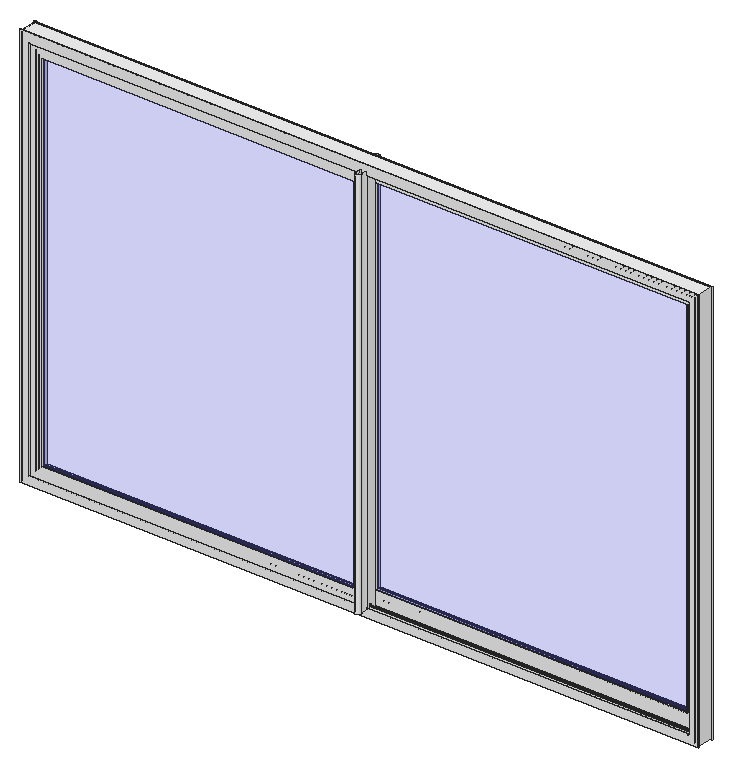
Revit family "1000_Sliding_Window_XO_Standard", category Windows, host Wall, Revit 2014 (continued)
Types (121, lengths in mm): name | Windload Design | Width Sash Right | Width Sash Left | Width | Standard Interlocker | Sash Width Right | Sash Width Left | Sash Height | Overall Width | Overall Height | Max Pane Area | Limit Sash Width Left Min | Limit Sash Width Left Max | Is Heavy Duty Mullion | Intruderprufe U Value | Intruderprufe SHGC Value | Intruderprufe LowE U Value | Intruderprufe LowE SHGC Value | Height Sash | Height | Heavy Duty Interlocker | Glazing Thickness | Energy Advantage U Value | Energy Advantage SHGC Value | Custom Window Width | Custom Window Height | Custom Windload | Clearvue U Value | Clearvue SHGC Value | Area Right Sash Glazing | Area Left Sash Glazing
  1000SW-1806XO-2000Pa | 2000 | 1500 | 1500 | 1790 | yes | 895.7 | 895.7 | 532.6 | 2998.6 | 1857.4 | 0.343483 m² | 300 | 1491.4 | 0 | 6.24 | 0.539 | 5.05 | 4.69 | 1800 | 590 | no | 4 | 5.49 | 0.513 | 1790 | 590 | 2000 | 6.73 | 0.572 | 0.343483 m² | 0.343483 m²
  1000SW-1809XO-1500Pa | 1500 | 1500 | 1500 | 1790 | yes | 895.7 | 895.7 | 832.6 | 2998.6 | 1857.4 | 0.582013 m² | 300 | 1491.4 | 0 | 6.08 | 0.607 | 4.68 | 0.53 | 1800 | 890 | no | 4 | 5 | 0.575 | 1790 | 890 | 1500 | 6.44 | 0.642 | 0.582013 m² | 0.582013 m²
  1000SW-1809XO-2000Pa | 2000 | 1500 | 1500 | 1790 | yes | 895.7 | 895.7 | 832.6 | 2998.6 | 1857.4 | 0.582013 m² | 300 | 1491.4 | 0 | 6.08 | 0.607 | 4.68 | 0.53 | 1800 | 890 | no | 4 | 5 | 0.575 | 1790 | 890 | 2000 | 6.44 | 0.642 | 0.582013 m² | 0.582013 m²
  1000SW-1812XO-1500Pa | 1500 | 1500 | 1500 | 1790 | yes | 895.7 | 895.7 | 1132.6 | 2998.6 | 1857.4 | 0.820543 m² | 300 | 1491.4 | 0 | 5.99 | 0.641 | 4.5 | 0.56 | 1800 | 1190 | no | 4 | 4.76 | 0.606 | 1790 | 1190 | 1500 | 6.3 | 0.677 | 0.820543 m² | 0.820543 m²
  1000SW-1812XO-2000Pa | 2000 | 1500 | 1500 | 1790 | yes | 895.7 | 895.7 | 1132.6 | 2998.6 | 1857.4 | 0.820543 m² | 300 | 1491.4 | 0 | 5.99 | 0.641 | 4.5 | 0.56 | 1800 | 1190 | no | 4 | 4.76 | 0.606 | 1790 | 1190 | 2000 | 6.3 | 0.677 | 0.820543 m² | 0.820543 m²
  1000SW-1815XO-1500Pa | 1500 | 1500 | 1500 | 1790 | no | 895.7 | 895.7 | 1432.6 | 2998.6 | 1857.4 | 1.05907 m² | 300 | 1491.4 | 1 | 5.95 | 0.661 | 4.39 | 0.578 | 1800 | 1490 | yes | 4 | 4.61 | 0.625 | 1790 | 1490 | 1500 | 6.22 | 0.693 | 1.05907 m² | 1.05907 m²
  1000SW-1815XO-2000Pa | 2000 | 1500 | 1500 | 1790 | no | 895.7 | 895.7 | 1432.6 | 2998.6 | 1857.4 | 1.05907 m² | 300 | 1491.4 | 1 | 5.95 | 0.661 | 4.39 | 0.578 | 1800 | 1490 | yes | 4 | 4.61 | 0.625 | 1790 | 1490 | 2000 | 6.22 | 0.693 | 1.05907 m² | 1.05907 m²
  1000SW-1818XO-1500Pa | 1500 | 895.7 | 895.7 | 1790 | no | 895.7 | 895.7 | 1732.6 | 1790 | 1190 | 1.2976 m² | 300 | 1491.4 | 1 | 5.91 | 0.674 | 4.32 | 0.59 | 1132.6 | 1790 | yes | 4 | 4.52 | 0.637 | 1790 | 1790 | 1500 | 6.16 | 0.712 | 1.2976 m² | 1.2976 m²
  1000SW-1818XO-2000Pa | 2000 | 895.7 | 895.7 | 1790 | no | 895.7 | 895.7 | 1732.6 | 1790 | 1190 | 1.2976 m² | 300 | 1491.4 | 1 | 5.91 | 0.674 | 4.32 | 0.59 | 1132.6 | 1790 | yes | 4 | 4.52 | 0.637 | 1790 | 1790 | 2000 | 6.16 | 0.712 | 1.2976 m² | 1.2976 m²
  1000SW-2106XO-1500Pa | 1500 | 1500 | 1500 | 2090 | yes | 1045.7 | 1045.7 | 532.6 | 2998.6 | 1857.4 | 0.408283 m² | 591.4 | 1500 | 0 | 6.24 | 0.545 | 5.02 | 0.474 | 1800 | 590 | no | 4 | 5.47 | 0.52 | 2090 | 590 | 1500 | 6.74 | 0.579 | 0.408283 m² | 0.408283 m²
  1000SW-2106XO-2000Pa | 2000 | 1500 | 1500 | 2090 | yes | 1045.7 | 1045.7 | 532.6 | 2998.6 | 1857.4 | 0.408283 m² | 591.4 | 1500 | 0 | 6.24 | 0.545 | 5.02 | 0.474 | 1800 | 590 | no | 4 | 5.47 | 0.52 | 2090 | 590 | 2000 | 6.74 | 0.579 | 0.408283 m² | 0.408283 m²
  1000SW-2109XO-1500Pa | 1500 | 1500 | 1500 | 2090 | yes | 1045.7 | 1045.7 | 832.6 | 2998.6 | 1857.4 | 0.691813 m² | 591.4 | 1500 | 0 | 6.08 | 0.614 | 4.65 | 0.536 | 1800 | 890 | no | 4 | 4.97 | 0.583 | 2090 | 890 | 1500 | 6.45 | 0.65 | 0.691813 m² | 0.691813 m²
  1000SW-2109XO-2000Pa | 2000 | 1500 | 1500 | 2090 | yes | 1045.7 | 1045.7 | 832.6 | 2998.6 | 1857.4 | 0.691813 m² | 591.4 | 1500 | 0 | 6.08 | 0.614 | 4.65 | 0.536 | 1800 | 890 | no | 4 | 4.97 | 0.583 | 2090 | 890 | 2000 | 6.45 | 0.65 | 0.691813 m² | 0.691813 m²
  1000SW-2112XO-1500Pa | 1500 | 1500 | 1500 | 2090 | yes | 1045.7 | 1045.7 | 1132.6 | 2998.6 | 1857.4 | 0.975343 m² | 591.4 | 1500 | 0 | 6 | 0.649 | 4.46 | 0.567 | 1800 | 1190 | no | 4 | 4.72 | 0.614 | 2090 | 1190 | 1500 | 6.31 | 0.686 | 0.975343 m² | 0.975343 m²
  1000SW-2112XO-2000Pa | 2000 | 1500 | 1500 | 2090 | yes | 1045.7 | 1045.7 | 1132.6 | 2998.6 | 1857.4 | 0.975343 m² | 591.4 | 1500 | 0 | 6 | 0.649 | 4.46 | 0.567 | 1800 | 1190 | no | 4 | 4.72 | 0.614 | 2090 | 1190 | 2000 | 6.31 | 0.686 | 0.975343 m² | 0.975343 m²
  1000SW-2115XO-1500Pa | 1500 | 1500 | 1500 | 2090 | no | 1045.7 | 1045.7 | 1432.6 | 2998.6 | 1857.4 | 1.25887 m² | 591.4 | 1500 | 1 | 5.95 | 0.669 | 4.35 | 0.585 | 1800 | 1490 | yes | 4 | 6.32 | 0.632 | 2090 | 1490 | 1500 | 6.22 | 0.707 | 1.25887 m² | 1.25887 m²
  1000SW-2115XO-2000Pa | 2000 | 1500 | 1500 | 2090 | no | 1045.7 | 1045.7 | 1432.6 | 2998.6 | 1857.4 | 1.25887 m² | 591.4 | 1500 | 1 | 5.95 | 0.669 | 4.35 | 0.585 | 1800 | 1490 | yes | 4 | 6.32 | 0.632 | 2090 | 1490 | 2000 | 6.22 | 0.707 | 1.25887 m² | 1.25887 m²
  1000SW-2118XO-1500Pa | 1500 | 895.7 | 895.7 | 2090 | no | 1045.7 | 1045.7 | 1732.6 | 1790 | 1190 | 1.5424 m² | 591.4 | 1500 | 1 | 5.92 | 0.683 | 4.28 | 0.597 | 1132.6 | 1790 | yes | 5 | 4.48 | 0.645 | 2090 | 1790 | 1500 | 6.16 | 0.721 | 1.5424 m² | 1.5424 m²
  1000SW-2118XO-2000Pa | 2000 | 895.7 | 895.7 | 2090 | no | 1045.7 | 1045.7 | 1732.6 | 1790 | 1190 | 1.5424 m² | 591.4 | 1500 | 1 | 5.92 | 0.683 | 4.28 | 0.597 | 1132.6 | 1790 | yes | 5 | 4.48 | 0.645 | 2090 | 1790 | 2000 | 6.16 | 0.721 | 1.5424 m² | 1.5424 m²
  1000SW-2406XO-1500Pa | 1500 | 1500 | 1500 | 2390 | yes | 1195.7 | 1195.7 | 532.6 | 2998.6 | 1857.4 | 0.473083 m² | 891.4 | 1500 | 0 | 6.25 | 0.55 | 5 | 0.479 | 1800 | 590 | no | 4 | 5.46 | 0.524 | 2390 | 590 | 1500 | 6.75 | 0.584 | 0.473083 m² | 0.473083 m²
  1000SW-2406XO-2000Pa | 2000 | 1500 | 1500 | 2390 | yes | 1195.7 | 1195.7 | 532.6 | 2998.6 | 1857.4 | 0.473083 m² | 891.4 | 1500 | 0 | 6.25 | 0.55 | 5 | 0.479 | 1800 | 590 | no | 4 | 5.46 | 0.524 | 2390 | 590 | 2000 | 6.75 | 0.584 | 0.473083 m² | 0.473083 m²
  1000SW-2409XO-1500Pa | 1500 | 1500 | 1500 | 2390 | yes | 1195.7 | 1195.7 | 832.6 | 2998.6 | 1857.4 | 0.801613 m² | 891.4 | 1500 | 0 | 6.08 | 0.62 | 4.62 | 0.541 | 1800 | 890 | no | 4 | 4.95 | 0.588 | 2390 | 890 | 1500 | 6.45 | 0.656 | 0.801613 m² | 0.801613 m²
  1000SW-2409XO-2000Pa | 2000 | 1500 | 1500 | 2390 | yes | 1195.7 | 1195.7 | 832.6 | 2998.6 | 1857.4 | 0.801613 m² | 891.4 | 1500 | 0 | 6.08 | 0.62 | 4.62 | 0.541 | 1800 | 890 | no | 4 | 4.95 | 0.588 | 2390 | 890 | 2000 | 6.45 | 0.656 | 0.801613 m² | 0.801613 m²
  1000SW-2412XO-1500Pa | 1500 | 1500 | 1500 | 2390 | yes | 1195.7 | 1195.7 | 1132.6 | 2998.6 | 1857.4 | 1.13014 m² | 891.4 | 1500 | 0 | 6 | 0.655 | 4.44 | 0.572 | 1800 | 1190 | no | 4 | 4.7 | 0.619 | 2390 | 1190 | 1500 | 6.31 | 0.692 | 1.13014 m² | 1.13014 m²
  1000SW-2412XO-2000Pa | 2000 | 1500 | 1500 | 2390 | yes | 1195.7 | 1195.7 | 1132.6 | 2998.6 | 1857.4 | 1.13014 m² | 891.4 | 1500 | 0 | 6 | 0.655 | 4.44 | 0.572 | 1800 | 1190 | no | 4 | 4.7 | 0.619 | 2390 | 1190 | 2000 | 6.31 | 0.692 | 1.13014 m² | 1.13014 m²
  1000SW-2415XO-1500Pa | 1500 | 1500 | 1500 | 2390 | no | 1195.7 | 1195.7 | 1432.6 | 2998.6 | 1857.4 | 1.45867 m² | 891.4 | 1500 | 1 | 5.95 | 0.675 | 4.33 | 0.59 | 1800 | 1490 | yes | 4 | 4.55 | 0.638 | 2390 | 1490 | 1500 | 6.22 | 0.713 | 1.45867 m² | 1.45867 m²
  1000SW-2415XO-2000Pa | 2000 | 1500 | 1500 | 2390 | no | 1195.7 | 1195.7 | 1432.6 | 2998.6 | 1857.4 | 1.45867 m² | 891.4 | 1500 | 1 | 5.95 | 0.675 | 4.33 | 0.59 | 1800 | 1490 | yes | 4 | 4.55 | 0.638 | 2390 | 1490 | 2000 | 6.22 | 0.713 | 1.45867 m² | 1.45867 m²
  1000SW-2418XO-1500Pa | 1500 | 895.7 | 895.7 | 2390 | no | 1195.7 | 1195.7 | 1732.6 | 1790 | 1190 | 1.7872 m² | 891.4 | 1500 | 1 | 5.95 | 0.689 | 4.28 | 0.425 | 1132.6 | 1790 | yes | 5 | 4.45 | 0.651 | 2390 | 1790 | 1500 | 6.17 | 0.728 | 1.7872 m² | 1.7872 m²
  1000SW-2418XO-2000Pa | 2000 | 895.7 | 895.7 | 2390 | no | 1195.7 | 1195.7 | 1732.6 | 1790 | 1190 | 1.7872 m² | 891.4 | 1500 | 1 | 5.95 | 0.689 | 4.28 | 0.425 | 1132.6 | 1790 | yes | 5 | 4.45 | 0.651 | 2390 | 1790 | 2000 | 6.17 | 0.728 | 1.7872 m² | 1.7872 m²
  1000SW-2706XO-1500Pa | 1500 | 1500 | 1500 | 2690 | yes | 1345.7 | 1345.7 | 532.6 | 2998.6 | 1857.4 | 0.537883 m² | 1191.4 | 1500 | 0 | 6.25 | 0.544 | 4.99 | 0.482 | 1800 | 590 | no | 4 | 5.44 | 0.528 | 2690 | 590 | 1500 | 6.75 | 0.588 | 0.537883 m² | 0.537883 m²
  1000SW-2706XO-2000Pa | 2000 | 1500 | 1500 | 2690 | yes | 1345.7 | 1345.7 | 532.6 | 2998.6 | 1857.4 | 0.537883 m² | 1191.4 | 1500 | 0 | 6.25 | 0.544 | 4.99 | 0.482 | 1800 | 590 | no | 4 | 5.44 | 0.528 | 2690 | 590 | 2000 | 6.75 | 0.588 | 0.537883 m² | 0.537883 m²
  1000SW-2709XO-1500Pa | 1500 | 1500 | 1500 | 2690 | yes | 1345.7 | 1345.7 | 832.6 | 2998.6 | 1857.4 | 0.911413 m² | 1191.4 | 1500 | 0 | 6.08 | 0.624 | 4.61 | 0.545 | 1800 | 890 | no | 4 | 4.93 | 0.592 | 2690 | 890 | 1500 | 6.46 | 0.661 | 0.911413 m² | 0.911413 m²
  1000SW-2709XO-2000Pa | 2000 | 1500 | 1500 | 2690 | yes | 1345.7 | 1345.7 | 832.6 | 2998.6 | 1857.4 | 0.911413 m² | 1191.4 | 1500 | 0 | 6.08 | 0.624 | 4.61 | 0.545 | 1800 | 890 | no | 4 | 4.93 | 0.592 | 2690 | 890 | 2000 | 6.46 | 0.661 | 0.911413 m² | 0.911413 m²
  1000SW-2712XO-1500Pa | 1500 | 1500 | 1500 | 2690 | yes | 1345.7 | 1345.7 | 1132.6 | 2998.6 | 1857.4 | 1.28494 m² | 1191.4 | 1500 | 0 | 6 | 0.659 | 4.42 | 0.576 | 1800 | 1190 | no | 4 | 4.68 | 0.624 | 2690 | 1190 | 1500 | 6.31 | 0.679 | 1.28494 m² | 1.28494 m²
  1000SW-2712XO-2000Pa | 2000 | 1500 | 1500 | 2690 | yes | 1345.7 | 1345.7 | 1132.6 | 2998.6 | 1857.4 | 1.28494 m² | 1191.4 | 1500 | 0 | 6 | 0.659 | 4.42 | 0.576 | 1800 | 1190 | no | 4 | 4.68 | 0.624 | 2690 | 1190 | 2000 | 6.31 | 0.679 | 1.28494 m² | 1.28494 m²
  1000SW-2715XO-1500Pa | 1500 | 1500 | 1500 | 2690 | no | 1345.7 | 1345.7 | 1432.6 | 2998.6 | 1857.4 | 1.65847 m² | 1191.4 | 1500 | 1 | 5.95 | 0.68 | 4.3 | 0.594 | 1800 | 1490 | yes | 5 | 4.53 | 0.643 | 2690 | 1490 | 1500 | 6.23 | 0.719 | 1.65847 m² | 1.65847 m²
  1000SW-2715XO-2000Pa | 2000 | 1500 | 1500 | 2690 | no | 1345.7 | 1345.7 | 1432.6 | 2998.6 | 1857.4 | 1.65847 m² | 1191.4 | 1500 | 1 | 5.95 | 0.68 | 4.3 | 0.594 | 1800 | 1490 | yes | 5 | 4.53 | 0.643 | 2690 | 1490 | 2000 | 6.23 | 0.719 | 1.65847 m² | 1.65847 m²
  1000SW-2718XO-1500Pa | 1500 | 895.7 | 895.7 | 2690 | no | 1345.7 | 1345.7 | 1732.6 | 1790 | 1190 | 2.032 m² | 1191.4 | 1500 | 1 | 5.92 | 0.694 | 4.23 | 0.607 | 1132.6 | 1790 | yes | 5 | 4.43 | 0.655 | 2690 | 1790 | 1500 | 6.17 | 0.733 | 2.032 m² | 2.032 m²
  1000SW-2718XO-2000Pa | 2000 | 895.7 | 895.7 | 2690 | no | 1345.7 | 1345.7 | 1732.6 | 1790 | 1190 | 2.032 m² | 1191.4 | 1500 | 1 | 5.92 | 0.694 | 4.23 | 0.607 | 1132.6 | 1790 | yes | 5 | 4.43 | 0.655 | 2690 | 1790 | 2000 | 6.17 | 0.733 | 2.032 m² | 2.032 m²
  1000SW-3006XO-1500Pa | 1500 | 1500 | 1500 | 2990 | yes | 1495.7 | 1495.7 | 532.6 | 2998.6 | 1857.4 | 0.602683 m² | 1491.4 | 1500 | 0 | 6.25 | 0.557 | 4.98 | 0.484 | 1800 | 590 | no | 4 | 5.43 | 0.531 | 2990 | 590 | 1500 | 6.76 | 0.592 | 0.602683 m² | 0.602683 m²
  1000SW-3006XO-2000Pa | 2000 | 1500 | 1500 | 2990 | yes | 1495.7 | 1495.7 | 532.6 | 2998.6 | 1857.4 | 0.602683 m² | 1491.4 | 1500 | 0 | 6.25 | 0.557 | 4.98 | 0.484 | 1800 | 590 | no | 4 | 5.43 | 0.531 | 2990 | 590 | 2000 | 6.76 | 0.592 | 0.602683 m² | 0.602683 m²
  1000SW-3009XO-1500Pa | 1500 | 1500 | 1500 | 2990 | yes | 1495.7 | 1495.7 | 832.6 | 2998.6 | 1857.4 | 1.02121 m² | 1491.4 | 1500 | 0 | 6.08 | 0.628 | 4.59 | 0.548 | 1800 | 890 | no | 4 | 4.92 | 0.595 | 2990 | 890 | 1500 | 6.46 | 0.665 | 1.02121 m² | 1.02121 m²
  1000SW-3009XO-2000Pa | 2000 | 1500 | 1500 | 2990 | yes | 1495.7 | 1495.7 | 832.6 | 2998.6 | 1857.4 | 1.02121 m² | 1491.4 | 1500 | 0 | 6.08 | 0.628 | 4.59 | 0.548 | 1800 | 890 | no | 4 | 4.92 | 0.595 | 2990 | 890 | 2000 | 6.46 | 0.665 | 1.02121 m² | 1.02121 m²
  1000SW-3012XO-1500Pa | 1500 | 1500 | 1500 | 2990 | yes | 1495.7 | 1495.7 | 1132.6 | 2998.6 | 1857.4 | 1.43974 m² | 1491.4 | 1500 | 0 | 6 | 0.663 | 4.4 | 0.579 | 1800 | 1190 | no | 4 | 4.66 | 0.627 | 2990 | 1190 | 1500 | 6.31 | 0.701 | 1.43974 m² | 1.43974 m²
  1000SW-3012XO-2000Pa | 2000 | 1500 | 1500 | 2990 | yes | 1495.7 | 1495.7 | 1132.6 | 2998.6 | 1857.4 | 1.43974 m² | 1491.4 | 1500 | 0 | 6 | 0.663 | 4.4 | 0.579 | 1800 | 1190 | no | 4 | 4.66 | 0.627 | 2990 | 1190 | 2000 | 6.31 | 0.701 | 1.43974 m² | 1.43974 m²
  1000SW-3015XO-1500Pa | 1500 | 1500 | 1500 | 2990 | no | 1495.7 | 1495.7 | 1432.6 | 2998.6 | 1857.4 | 1.85827 m² | 1491.4 | 1500 | 1 | 5.95 | 0.684 | 4.28 | 0.598 | 1800 | 1490 | yes | 5 | 4.51 | 0.646 | 2990 | 1490 | 1500 | 6.23 | 0.723 | 1.85827 m² | 1.85827 m²
  1000SW-3015XO-2000Pa | 2000 | 1500 | 1500 | 2990 | no | 1495.7 | 1495.7 | 1432.6 | 2998.6 | 1857.4 | 1.85827 m² | 1491.4 | 1500 | 1 | 5.95 | 0.684 | 4.28 | 0.598 | 1800 | 1490 | yes | 5 | 4.51 | 0.646 | 2990 | 1490 | 2000 | 6.23 | 0.723 | 1.85827 m² | 1.85827 m²
  1000SW-3018XO-1500Pa | 1500 | 1495.7 | 1495.7 | 2990 | no | 1495.7 | 1495.7 | 1732.6 | 2990 | 1790 | 2.2768 m² | 1491.4 | 1500 | 1 | 5.92 | 0.698 | 4.21 | 0.61 | 1732.6 | 1790 | yes | 6.4 | 4.41 | 0.659 | 2990 | 1790 | 1500 | 6.17 | 0.737 | 2.2768 m² | 2.2768 m²
  1000SW-3018XO-2000Pa | 2000 | 1495.7 | 1495.7 | 2990 | no | 1495.7 | 1495.7 | 1732.6 | 2990 | 1790 | 2.2768 m² | 1491.4 | 1500 | 1 | 5.92 | 0.698 | 4.21 | 0.61 | 1732.6 | 1790 | yes | 6.4 | 4.41 | 0.659 | 2990 | 1790 | 2000 | 6.17 | 0.737 | 2.2768 m² | 2.2768 m²
